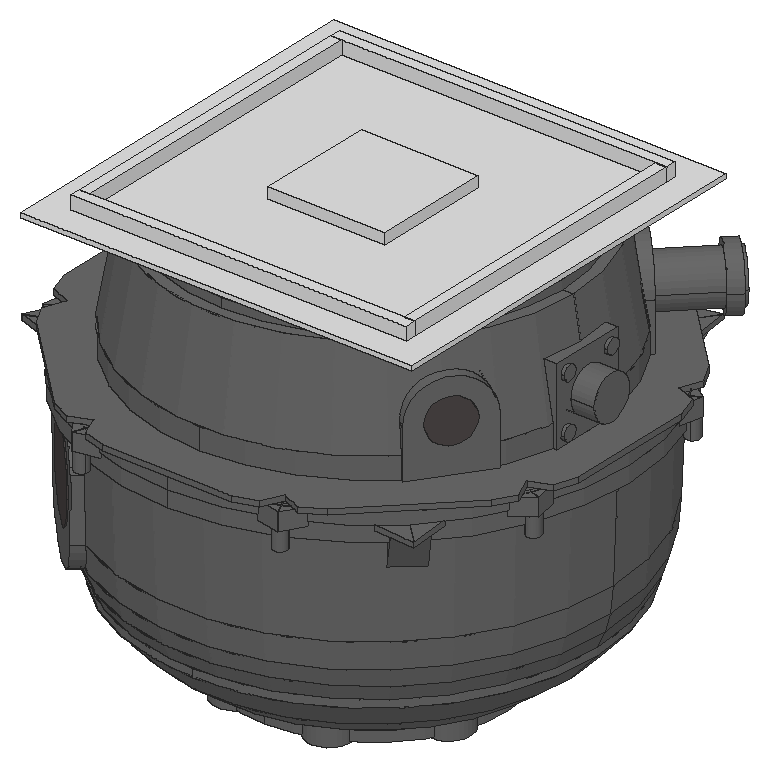
Revit family "281200x (200)", category Generic Models, Revit 2021
Family settings
  Can host rebar = No
  Round Connector Dimension = Use Diameter
  Part Type = Normal
  Work Plane-Based = No
  Always vertical = Yes
  Cut with Voids When Loaded = No
  Shared = Yes
  Room Calculation Point = No
Parameters (values of type "281200X")
  SUPPLIER = "KESSEL"
  SA700ID50 = "no"
  SA700ID49 = "Protection Class I"
  SA700ID48 = "no"
  SA700ID47 = "no"
  SA700ID46 = "yes"
  SA700ID37 = 9000 mm
  SA700ID34 = 15.5
  SA700ID33 = 1.4 W
  SA700ID32 = 17.47 kg
  SA700ID31 = 1
  SA700ID30 = 1
  SA700ID29 = "RWDR"
  SA700ID21 = 900
  SA700ID10 = "No"
  SA700ID08 = 230 V
  PROCUREWEBLINK = "https://p.caden.as/kessel/281200X"
  PROCURELINK = "p.caden.as/kessel/281200X"
  PROCUREDATALASTUPDATE = "2024-05-22T12:17:23.709936523+01:00"
  PRC_SPECIFICATIONLINK = "https://ausschreiben.de/catalog/kessel/catalogItem/d664a37d-6fdf-445a-b889-863c2f1b7857"
  NN = "Lifting station Aqualift S compact"
  NBSYN = "$SA810ID03. ($LODLEVEL.)"
  NB = "281200X (200)"
  Model = "281200X"
  Manufacturer = "KESSEL"
  MIdent = "{$CADENAS_DATA/23d-libs/kessel/kessel_vdi_import/4/entwaesserung/hebeanlage20aqualift20s20compact.prj},215 {STYP=ASS},{VTYP=3D},{NB=281200X (200)},{LINA=281200X},{NN=Lifting station Aqualift S compact},{DATE=21.11.2022 10:40:35},{GEOMDATE=21.11.2022 10:40:35},{VERSION=},{LINEID=80},{WBVAR=LODLEVEL},{WBNUMERIC=LODLEVEL}  {NB=281200X (200)},{LINA=281200X},{KT=DUMMY},{PREVIEW=../../bilder/ksb_w_281200x.png},{SA700ID04=Hebeanlage Aqualift S Compact, Mono, GTF 1200, Bodenplatte, befliesbar},{SA810ID06=04026092082614},{SA700ID34=15.50},{SA010ID03=201805},{SA810ID03=281200X},{SA810ID10=Die steckerfertige Hebeanlage für fäkalienfreies Abwasser ist mit einer überflutbaren Pumpe sowie einem Rückflussverhinderer ausgestattet. Der Sammelbehälter aus dauerhaft beständigem Kunststoff (PE) besitzt einen offenen Pumpenraum. Einhandverschlüsse ermöglichen die einfache Entnahme der integrierten Komponenten. Die Anlage zum Einbau in die Bodenplatte ist vormontiert zur bauseitigen Endmontage.- mit teleskopischem Aufsatzstück für stufenlosen Höhen- und Niveauausgleich und integriertem Bodenablauf- Sammelbehälter aus PE, beständig gegen aggressive Abwässer und 3 m Grundwasser- inklusive Rückflussverhinderer für die Druckleitung- inklusive Stutzen für Zulauf und Kabelleerrohr- Pumpe mit Freistromrad für höchste BetriebssicherheitAusführung:Anlagenart: EinzelanlagePumpensteuerung: SchwimmerschalterRückflussverhinderer: integriertAuslieferungszustand: installationsfertig (Verbindungsteile sind bauseits anzuschließen)Einbausituation: Einbau in die BodenplatteAbwasserart: fäkalienfreiAllgemeine Merkmale:Farbe: schwarzNorm: EN 12050-2Abmessungen:Länge: 617 mmBreite: 585 mmBehälter/Grundkörper:Zulauf Nennweite (DN): 100 mmDruckabgang (DN): 32 mmDruckabgang (DA): 40 mmEinbautiefe: 490 - 620 mmNutzvolumen: 16 lArt der Höhenverstellbarkeit: teleskopisches AufsatzstückAbdeckungsmerkmale:Abdeckungsart: befliesbare AbdeckplatteAbdeckung Material: KunststoffAbdeckung Farbe: silbergrauAblauffunktion: jaBodenbelaghöhe max.: 16 mmBelastungsklasse: K 3 (EN 1253-1)Länge: 366 mmBreite: 366 mmVerriegelung: Lock & LiftFreier Kugeldurchgang: 30 mmFördereinrichtung:Pumpe: GTF 1200Anzahl Pumpen: 1Förderleistung max.: 15,5 m3/hFörderhöhe max.: 9 mBetriebsspannung: 230 VNetzfrequenz: 50 HzBetriebsart: S3 - 10 %Leistung P1: 1,4 kWLeistung P2: 0,84 kWDrehzahl: 2.650 U/minErforderliche Absicherung (Leitungsschutz): C 16 AFörderguttemperatur (dauerhaft) max.: 40 °CAnschlusstyp: Schuko 2-poligLaufrad Typ: FreistromradLänge Netzanschlussleitung Pumpe: 5 mNennstrom: 6,2 ASchutzart Pumpe: IP 68 (3m)Typ Anschlussleitung Pumpe: H07RN-F 3G 1,0 mm2Temperaturüberwachung: integriertSteuerung:Art Niveauerfassung: mechanischInstrument Niveauerfassung: Schwimmerschalter},{SA700ID37=9.00},{SA700ID33=1.40},{SA700ID08=230},{SA700ID30=1},{SA700ID32=17.47},{SA700ID49=Schutzklasse I},{SA700ID50=nein},{SA200ID03=6},{SA250ID03=vertikal},{SA260ID03=Trockenläuferpumpe},{SA350ID03=normalansaugend},{SA400ID03=E-Motor für Wechselstrom},{SA460ID03=direkt},{SA500ID03=Kunststoff, Edelstahl},{SA700ID06=32},{SA700ID07=100},{SA700ID09=1/N/PE 230V},{SA700ID10=Nein},{SA700ID11=50},{SA700ID12=IP 68},{SA700ID13=F},{SA700ID15=35},{SA700ID21=900.00},{SA700ID22=0.84},{SA700ID23=2650},{SA700ID24=2650},{SA700ID26=6.20},{SA700ID27=14.90},{SA700ID28=durchgehend},{SA700ID29=RWDR},{SA700ID31=1},{SA700ID46=ja},{SA700ID47=nein},{SA700ID48=nein},{SA110ID04=Hebeanlage Aqualift S Compact},{SA300ID03=einstufig},{SA700ID44=MIN},{SA700ID45=MIN},{SA010ID04=KESSEL AG},{LODLEVEL=200},{LINK=https://www.kessel.de/info?han=281200X},{SA970ID01=970},{SA970ID02=14122},{SA970ID03=281200X},{SA970ID04=11002617},{SA970ID05=QUAD},{SA970ID06=-326},{SA970ID07=-291.04},{SA970ID08=0},{SA970ID09=1},{SA970ID10=0},{SA970ID11=0},{SA970ID12=0},{SA970ID13=1},{SA970ID14=0},{SA970ID15=617.04},{SA970ID16=582.09},{SA970ID17=488.5},{LODLEVEL_=200,'Low'},{LODLEVEL_DEU=200,'Low'},{LINK_=https://www.kessel.de/info?han=281200X},{LINK_DEU=https://www.kessel.de/info?han=281200X},{LODLEVEL_3DB=281200X_200},{DNIN1=100},{DNIN2=125},{DNIN3=100},{DNIN4=100},{DNOUT1=70},{DNOUT2=32},{ISD1=60},{ISD2=10},{ISD3=10},{SA010ID01=010},{SA010ID02=4},{SA010ID06=www.kessel.de},{SA010ID07=www.kessel.de},{SA010ID12=20180713},{SA010ID13=DEU},{SA010ID14=DE},{SA100ID01=100},{SA100ID02=4},{SA100ID04=Entwässerung},{SA110ID01=110},{SA110ID02=30},{SA200ID01=200},{SA200ID02=6},{SA250ID01=250},{SA250ID02=2},{SA260ID01=260},{SA260ID02=2},{SA300ID01=300},{SA300ID02=1},{SA350ID01=350},{SA350ID02=1},{SA400ID01=400},{SA400ID02=1},{SA460ID01=460},{SA460ID02=1},{SA500ID01=500},{SA500ID02=1},{SA700ID01=700},{SA700ID02=199},{SA700ID10_=0},{SA700ID16=0},{SA700ID25=0},{SA700ID46_=1},{SA700ID47_=0},{SA700ID48_=0},{SA700ID49_=1},{SA700ID50_=0},{SA800ID01=800},{SA800ID02=14},{SA810ID01=810},{SA810ID02=199},{SA810ID04=281200X},{SA810ID07=199},{SA810ID09=1},{SA810ID14=PCE},{SA810ID15=1},{SA810ID16=NMP},{SA960ID03=199},{SA960ID04=3L},{SA960ID08=https://www.kessel.de/info?han=281200X},{SA010ID08=4026092000007},{SA100ID05=Hebeanlage},{SA110ID06=Hebeanlage}"
  LINK = "https://www.kessel.de/info?han=281200X"
  LINA = "281200X"
  Default Elevation = 0 mm
  CREATOR = "CADENAS GmbH"
  CATALOG = "KESSEL"
  BOMINFO = "LINA"
  ARTICLENO = "NB"
  4.810.00.9 Order quantity (multiplicator) = "1"
  4.810.00.7 Media- connection number = "199"
  4.810.00.6 GTIN number = "04026092082614"
  4.810.00.4 DATANORM number = "281200X"
  4.810.00.3 Producer order number = "281200X"
  4.710.03.7 Mass (net) = 17.47 kg
  4.710.03.6 Height = 490 mm
  4.710.03.5 Width = 580 mm
  4.710.03.4 Length = 620 mm
  4.710.03.3 Type of dimensions = "2"
  4.710.02.8 Area of application of wastewater pump = "2"
  4.710.02.7 Art des S2/S3-Betriebs = "50 %"
  4.710.02.6 Duty type = "S3"
  4.710.02.5 Cutting device = "0"
  4.710.02.4 Attached pump control = "1"
  4.710.02.3 Free passage = 30 mm
  4.710.01.6 Option to connect to building automation = "30"
  4.710.01.5 Load regulation = "0"
  4.710.01.4 Designation of closed-loop control = "16"
  4.700.00.9 Voltage = 0
  4.700.00.8 Nominal connection size on suction side = "100"
  4.700.00.7 Nominal connection size on pressure side = "100"
  4.700.00.6 Type of connection = "32"
  4.700.00.4 Product indentification = "Hebeanlage Aqualift S Compact, Mono, GTF 1200, Bodenplatte, befliesbar"
  4.700.00.28 Motor pump shaft = "durchgehend"
  4.700.00.27 Starting current = 14.9
  4.700.00.26 Maximum power consumption per pump / drive = 6.2
  4.700.00.25 Minimum speed at internal speed adjustment = 0
  4.700.00.24 Nominal speed / maximum speed n = 44.1667
  4.700.00.23 Nominal speed of motor = 44.1667
  4.700.00.22 Maximum shaft output (P2) per pump/drive = 0.84 W
  4.700.00.16 Maximum temperature of pumped medium = 0 °C
  4.700.00.15 Increased safety class = "35 °C"
  4.700.00.13 Type of protection = "F"
  4.700.00.12 Frequency = 0
  4.700.00.11 Stern-/Dreieck-Anlaufschaltung bei Dreiphasenanschluss oder Drehstrom = "50 Hz"
  4.700.00.10 Phase = "0"
  4.500.00.3 Variant / Variant type / Accessories-name = "Kunststoff, Edelstahl"
  4.460.00.3 Variant / Variant type / Accessories-name = "direkt"
  4.400.00.3 Variant / Variant type / Accessories-name = "E-Motor für Wechselstrom"
  4.350.00.3 Variant / Variant type / Accessories-name = "normalansaugend"
  4.300.00.3 Variant / Variant type / Accessories-name = "einstufig"
  4.260.00.3 Variant / Variant type / Accessories-name = "Trockenläuferpumpe"
  4.250.00.3 Variant / Variant type / Accessories-name = "vertikal"
  4.200.00.3 Variant / Variant type / Accessories-name = "6"
  4.110.00.6 Product classification = "Hebeanlage"
  4.110.00.4 Product indentification = "Hebeanlage Aqualift S Compact"
  4.100.00.5 Main groups of wares = "Hebeanlage"
  4.100.00.4 Product indentification = "Entwässerung"
  4.010.00.8 Producer ID number = "4026092000007"
  4.010.00.7 Comment = "www.kessel.de"
  4.010.00.6 Web address of the manufacturer = "www.kessel.de"
  4.010.00.4 Manufacturer name = "KESSEL AG"
  4.010.00.3 Date of issuance (month) of guideline = "201805"
  4.010.00.2 Sheet number of the guideline = "4"
  4.010.00.14 Kennungen der Projektländer, für die die Datei gültig ist = "DE"
  4.010.00.13 Sprache der Datei = "DEU"
  4.010.00.12 Stand des Herstellerkatalogs = "20180713"
Reference planes
  plane 1 "Center (Front/Back)": y = 0
  plane 2: z = 0
  plane 3 "Center (Left/Right)": x = 0
Forms (mm)
  Extrusion 1, void
    sketch origin (-197.283, 197.283, 209) x (-0.707107, -0.707107, 0) y (0, 0, -1)
      loop
        line (-0.5, -0.5) -> (0.5, -0.5) -> (0.5, 0.5) -> (-0.5, 0.5) -> (-0.5, -0.5)
    from 0 to 1
Dimensions and locks
  locked: plane 2 to Extrusion 1 at 208.5
  locked: plane 2 to Extrusion 1 at 209.5
  aligned and locked: level to plane 2
Nested families
  nested 1: "281200x (200)_content" at (0, 0, 0), type "281200X (200)_Content"
  nested 2: "281200x (200)_part1_X0Y0" at (0, 0, 0), type "281200X_PART1_X0Y0"
Connectors
  piping at (-326, 0, 209), diameter 125
    settings: on nested 2, index 1, connector inside diameter 609.6 mm, connector length 0 mm, flow factor 0, pipe flow 0.0 L/s, pressure drop 0.0 Pa, fitting loss kfactor 0, connector angle 0.00°, fixture units 0, engagement length 0 mm, angle of deflection 0.00°, flow configuration 0, flow direction 1, fitting loss method 2, system type 29, joint type 0, gender type 0, connector reference index -1, connector utility 0, adjustable connector no, is connector primary yes, connector description ""
  piping at (-197.283, 197.283, 209), diameter 100
    settings: on Extrusion 1, index 2, connector inside diameter 609.6 mm, connector length 0 mm, flow factor 0, pipe flow 0.0 L/s, pressure drop 0.0 Pa, fitting loss kfactor 0, connector angle 0.00°, fixture units 0, engagement length 0 mm, angle of deflection 0.00°, flow configuration 0, flow direction 0, fitting loss method 2, system type 29, joint type 0, gender type 0, connector reference index -1, connector utility 0, adjustable connector no, is connector primary no, connector description ""
  piping at (-245.75, 0, 370), diameter 70
    settings: on nested 2, index 3, connector inside diameter 609.6 mm, connector length 0 mm, flow factor 0, pipe flow 0.0 L/s, pressure drop 0.0 Pa, fitting loss kfactor 0, connector angle 0.00°, fixture units 0, engagement length 0 mm, angle of deflection 0.00°, flow configuration 0, flow direction 0, fitting loss method 2, system type 29, joint type 0, gender type 0, connector reference index -1, connector utility 0, adjustable connector no, is connector primary no, connector description ""
  piping at (272.5, -3, 363.25), diameter 32
    settings: on nested 2, index 4, connector inside diameter 609.6 mm, connector length 0 mm, flow factor 0, pipe flow 0.0 L/s, pressure drop 0.0 Pa, fitting loss kfactor 0, connector angle 0.00°, fixture units 0, engagement length 0 mm, angle of deflection 0.00°, flow configuration 0, flow direction 2, fitting loss method 2, system type 29, joint type 0, gender type 0, connector reference index -1, connector utility 0, adjustable connector no, is connector primary no, connector description ""
  piping at (0, 0, 485.5), diameter 609.6
    settings: on nested 2, index 5, connector inside diameter 609.6 mm, connector length 0 mm, flow factor 0, pipe flow 0.0 L/s, pressure drop 0.0 Pa, fitting loss kfactor 0, connector angle 0.00°, fixture units 0, engagement length 0 mm, angle of deflection 0.00°, flow configuration 0, flow direction 0, fitting loss method 2, system type 29, joint type 0, gender type 0, connector reference index -1, connector utility 0, adjustable connector no, is connector primary no, connector description ""
  electrical at (227.236, 241.378, 376)
    settings: on nested 2, index 6, voltage 0 V, apparent load 0 VA, apparent load phase1 0 VA, apparent load phase2 0 VA, apparent load phase3 0 VA, power factor 1, load classification "Other", number of poles 1, system type 31, power factor state 1, is connector primary yes, connector utility no, sub classification motor no, connector description ""
  electrical at (241.378, 227.236, 364)
    settings: on nested 2, index 7, voltage 0 V, apparent load 0 VA, apparent load phase1 0 VA, apparent load phase2 0 VA, apparent load phase3 0 VA, power factor 1, load classification "Other", number of poles 1, system type 31, power factor state 1, is connector primary no, connector utility no, sub classification motor no, connector description ""
  electrical at (241.378, 227.236, 376)
    settings: on nested 2, index 8, voltage 0 V, apparent load 0 VA, apparent load phase1 0 VA, apparent load phase2 0 VA, apparent load phase3 0 VA, power factor 1, load classification "Other", number of poles 1, system type 31, power factor state 1, is connector primary no, connector utility no, sub classification motor no, connector description ""
  electrical at (227.236, 241.378, 364)
    settings: on nested 2, index 9, voltage 0 V, apparent load 0 VA, apparent load phase1 0 VA, apparent load phase2 0 VA, apparent load phase3 0 VA, power factor 1, load classification "Other", number of poles 1, system type 31, power factor state 1, is connector primary no, connector utility no, sub classification motor no, connector description ""
Definition of nested family "281200x (200)_part1_X0Y0"
  Parameters (values of type "281200X_PART1_X0Y0")
    SUPPLIER = "KESSEL"
    SA700ID50 = "no"
    SA700ID49 = "Protection Class I"
    SA700ID48 = "no"
    SA700ID47 = "no"
    SA700ID46 = "yes"
    SA700ID37 = 9000 mm
    SA700ID34 = 15.5
    SA700ID33 = 1.4 W
    SA700ID32 = 17.47 kg
    SA700ID31 = 1
    SA700ID30 = 1
    SA700ID29 = "RWDR"
    SA700ID21 = 900
    SA700ID10 = "No"
    SA700ID08 = 230 V
    NBSYN = "$SA810ID03. ($LODLEVEL.)_PART1"
    NB = "281200X (200)_PART1"
    Model = "281200X_PART1"
    Manufacturer = "KESSEL"
    MIdent = "{$CADENAS_DATA/23d-libs/kessel/kessel_vdi_import/4/entwaesserung/hebeanlage20aqualift20s20compact.prj},235 {VTYP=3D},{NB=281200X (200)_PART1},{LINA=281200X_PART1},{NN=Lifting station Aqualift S compact_PART1},{NOPRJ=TRUE},{DATE=21.11.2022 10:40:35},{GEOMDATE=21.11.2022 10:40:35},{VERSION=},{LINEID=80},{WBVAR=LODLEVEL},{WBNUMERIC=LODLEVEL}  {NB=281200X (200)_PART1},{LINA=281200X_PART1},{KT=DUMMY},{PREVIEW=../../bilder/ksb_w_281200x.png},{SA700ID04=Hebeanlage Aqualift S Compact, Mono, GTF 1200, Bodenplatte, befliesbar},{SA810ID06=04026092082614},{SA700ID34=15.50},{SA010ID03=201805},{SA810ID03=281200X},{SA810ID10=Die steckerfertige Hebeanlage für fäkalienfreies Abwasser ist mit einer überflutbaren Pumpe sowie einem Rückflussverhinderer ausgestattet. Der Sammelbehälter aus dauerhaft beständigem Kunststoff (PE) besitzt einen offenen Pumpenraum. Einhandverschlüsse ermöglichen die einfache Entnahme der integrierten Komponenten. Die Anlage zum Einbau in die Bodenplatte ist vormontiert zur bauseitigen Endmontage.- mit teleskopischem Aufsatzstück für stufenlosen Höhen- und Niveauausgleich und integriertem Bodenablauf- Sammelbehälter aus PE, beständig gegen aggressive Abwässer und 3 m Grundwasser- inklusive Rückflussverhinderer für die Druckleitung- inklusive Stutzen für Zulauf und Kabelleerrohr- Pumpe mit Freistromrad für höchste BetriebssicherheitAusführung:Anlagenart: EinzelanlagePumpensteuerung: SchwimmerschalterRückflussverhinderer: integriertAuslieferungszustand: installationsfertig (Verbindungsteile sind bauseits anzuschließen)Einbausituation: Einbau in die BodenplatteAbwasserart: fäkalienfreiAllgemeine Merkmale:Farbe: schwarzNorm: EN 12050-2Abmessungen:Länge: 617 mmBreite: 585 mmBehälter/Grundkörper:Zulauf Nennweite (DN): 100 mmDruckabgang (DN): 32 mmDruckabgang (DA): 40 mmEinbautiefe: 490 - 620 mmNutzvolumen: 16 lArt der Höhenverstellbarkeit: teleskopisches AufsatzstückAbdeckungsmerkmale:Abdeckungsart: befliesbare AbdeckplatteAbdeckung Material: KunststoffAbdeckung Farbe: silbergrauAblauffunktion: jaBodenbelaghöhe max.: 16 mmBelastungsklasse: K 3 (EN 1253-1)Länge: 366 mmBreite: 366 mmVerriegelung: Lock & LiftFreier Kugeldurchgang: 30 mmFördereinrichtung:Pumpe: GTF 1200Anzahl Pumpen: 1Förderleistung max.: 15,5 m3/hFörderhöhe max.: 9 mBetriebsspannung: 230 VNetzfrequenz: 50 HzBetriebsart: S3 - 10 %Leistung P1: 1,4 kWLeistung P2: 0,84 kWDrehzahl: 2.650 U/minErforderliche Absicherung (Leitungsschutz): C 16 AFörderguttemperatur (dauerhaft) max.: 40 °CAnschlusstyp: Schuko 2-poligLaufrad Typ: FreistromradLänge Netzanschlussleitung Pumpe: 5 mNennstrom: 6,2 ASchutzart Pumpe: IP 68 (3m)Typ Anschlussleitung Pumpe: H07RN-F 3G 1,0 mm2Temperaturüberwachung: integriertSteuerung:Art Niveauerfassung: mechanischInstrument Niveauerfassung: Schwimmerschalter},{SA700ID37=9.00},{SA700ID33=1.40},{SA700ID08=230},{SA700ID30=1},{SA700ID32=17.47},{SA700ID49=Schutzklasse I},{SA700ID50=nein},{SA200ID03=6},{SA250ID03=vertikal},{SA260ID03=Trockenläuferpumpe},{SA350ID03=normalansaugend},{SA400ID03=E-Motor für Wechselstrom},{SA460ID03=direkt},{SA500ID03=Kunststoff, Edelstahl},{SA700ID06=32},{SA700ID07=100},{SA700ID09=1/N/PE 230V},{SA700ID10=Nein},{SA700ID11=50},{SA700ID12=IP 68},{SA700ID13=F},{SA700ID15=35},{SA700ID21=900.00},{SA700ID22=0.84},{SA700ID23=2650},{SA700ID24=2650},{SA700ID26=6.20},{SA700ID27=14.90},{SA700ID28=durchgehend},{SA700ID29=RWDR},{SA700ID31=1},{SA700ID46=ja},{SA700ID47=nein},{SA700ID48=nein},{SA110ID04=Hebeanlage Aqualift S Compact},{SA300ID03=einstufig},{SA700ID44=MIN},{SA700ID45=MIN},{SA010ID04=KESSEL AG},{LODLEVEL=200},{LINK=https://www.kessel.de/info?han=281200X},{SA970ID01=970},{SA970ID02=14122},{SA970ID03=281200X},{SA970ID04=11002617},{SA970ID05=QUAD},{SA970ID06=-326},{SA970ID07=-291.04},{SA970ID08=0},{SA970ID09=1},{SA970ID10=0},{SA970ID11=0},{SA970ID12=0},{SA970ID13=1},{SA970ID14=0},{SA970ID15=617.04},{SA970ID16=582.09},{SA970ID17=488.5},{LODLEVEL_=200,'Low'},{LODLEVEL_DEU=200,'Low'},{LINK_=https://www.kessel.de/info?han=281200X},{LINK_DEU=https://www.kessel.de/info?han=281200X},{LODLEVEL_3DB=281200X_200},{DNIN1=100},{DNIN2=125},{DNIN3=100},{DNIN4=100},{DNOUT1=70},{DNOUT2=32},{ISD1=60},{ISD2=10},{ISD3=10},{SA010ID01=010},{SA010ID02=4},{SA010ID06=www.kessel.de},{SA010ID07=www.kessel.de},{SA010ID12=20180713},{SA010ID13=DEU},{SA010ID14=DE},{SA100ID01=100},{SA100ID02=4},{SA100ID04=Entwässerung},{SA110ID01=110},{SA110ID02=30},{SA200ID01=200},{SA200ID02=6},{SA250ID01=250},{SA250ID02=2},{SA260ID01=260},{SA260ID02=2},{SA300ID01=300},{SA300ID02=1},{SA350ID01=350},{SA350ID02=1},{SA400ID01=400},{SA400ID02=1},{SA460ID01=460},{SA460ID02=1},{SA500ID01=500},{SA500ID02=1},{SA700ID01=700},{SA700ID02=199},{SA700ID10_=0},{SA700ID16=0},{SA700ID25=0},{SA700ID46_=1},{SA700ID47_=0},{SA700ID48_=0},{SA700ID49_=1},{SA700ID50_=0},{SA800ID01=800},{SA800ID02=14},{SA810ID01=810},{SA810ID02=199},{SA810ID04=281200X},{SA810ID07=199},{SA810ID09=1},{SA810ID14=PCE},{SA810ID15=1},{SA810ID16=NMP},{SA960ID03=199},{SA960ID04=3L},{SA960ID08=https://www.kessel.de/info?han=281200X},{SA010ID08=4026092000007},{SA100ID05=Hebeanlage},{SA110ID06=Hebeanlage}"
    LINK = "https://www.kessel.de/info?han=281200X"
    LINA = "281200X_PART1"
    Default Elevation = 1219.2 mm
    CREATOR = "CADENAS GmbH"
    CATALOG = "KESSEL"
    BOMINFO = "LINA"
    ARTICLENO = "NB"
    4.810.00.9 Order quantity (multiplicator) = "1"
    4.810.00.7 Media- connection number = "199"
    4.810.00.6 GTIN number = "04026092082614"
    4.810.00.4 DATANORM number = "281200X"
    4.810.00.3 Producer order number = "281200X"
    4.710.03.7 Mass (net) = 17.47 kg
    4.710.03.6 Height = 490 mm
    4.710.03.5 Width = 580 mm
    4.710.03.4 Length = 620 mm
    4.710.03.3 Type of dimensions = "2"
    4.710.02.8 Area of application of wastewater pump = "2"
    4.710.02.7 Art des S2/S3-Betriebs = "50 %"
    4.710.02.6 Duty type = "S3"
    4.710.02.5 Cutting device = "0"
    4.710.02.4 Attached pump control = "1"
    4.710.02.3 Free passage = 30 mm
    4.710.01.6 Option to connect to building automation = "30"
    4.710.01.5 Load regulation = "0"
    4.710.01.4 Designation of closed-loop control = "16"
    4.700.00.9 Voltage = 0
    4.700.00.8 Nominal connection size on suction side = "100"
    4.700.00.7 Nominal connection size on pressure side = "100"
    4.700.00.6 Type of connection = "32"
    4.700.00.4 Product indentification = "Hebeanlage Aqualift S Compact, Mono, GTF 1200, Bodenplatte, befliesbar"
    4.700.00.28 Motor pump shaft = "durchgehend"
    4.700.00.27 Starting current = 14.9
    4.700.00.26 Maximum power consumption per pump / drive = 6.2
    4.700.00.25 Minimum speed at internal speed adjustment = 0
    4.700.00.24 Nominal speed / maximum speed n = 44.1667
    4.700.00.23 Nominal speed of motor = 44.1667
    4.700.00.22 Maximum shaft output (P2) per pump/drive = 0.84 W
    4.700.00.16 Maximum temperature of pumped medium = 0 °C
    4.700.00.15 Increased safety class = "35 °C"
    4.700.00.13 Type of protection = "F"
    4.700.00.12 Frequency = 0
    4.700.00.11 Stern-/Dreieck-Anlaufschaltung bei Dreiphasenanschluss oder Drehstrom = "50 Hz"
    4.700.00.10 Phase = "0"
    4.500.00.3 Variant / Variant type / Accessories-name = "Kunststoff, Edelstahl"
    4.460.00.3 Variant / Variant type / Accessories-name = "direkt"
    4.400.00.3 Variant / Variant type / Accessories-name = "E-Motor für Wechselstrom"
    4.350.00.3 Variant / Variant type / Accessories-name = "normalansaugend"
    4.300.00.3 Variant / Variant type / Accessories-name = "einstufig"
    4.260.00.3 Variant / Variant type / Accessories-name = "Trockenläuferpumpe"
    4.250.00.3 Variant / Variant type / Accessories-name = "vertikal"
    4.200.00.3 Variant / Variant type / Accessories-name = "6"
    4.110.00.6 Product classification = "Hebeanlage"
    4.110.00.4 Product indentification = "Hebeanlage Aqualift S Compact"
    4.100.00.5 Main groups of wares = "Hebeanlage"
    4.100.00.4 Product indentification = "Entwässerung"
    4.010.00.8 Producer ID number = "4026092000007"
    4.010.00.7 Comment = "www.kessel.de"
    4.010.00.6 Web address of the manufacturer = "www.kessel.de"
    4.010.00.4 Manufacturer name = "KESSEL AG"
    4.010.00.3 Date of issuance (month) of guideline = "201805"
    4.010.00.2 Sheet number of the guideline = "4"
    4.010.00.14 Kennungen der Projektländer, für die die Datei gültig ist = "DE"
    4.010.00.13 Sprache der Datei = "DEU"
    4.010.00.12 Stand des Herstellerkatalogs = "20180713"
  Reference planes
    plane 1 "Center (Front/Back)": y = 0
    plane 2: z = 0
    plane 3 "Center (Left/Right)": x = 0
  Dimensions and locks
    aligned and locked: level to plane 2
  Nested families
    nested 1: "281200x (200)_part1_content" at (0, 0, 0), type "281200X (200)_PART1_Content"
  Definition of nested family "281200x (200)_part1_content"
    Parameters (values of type "281200X (200)_PART1_Content")
      SUPPLIER = "KESSEL"
      SA700ID50 = "no"
      SA700ID49 = "Protection Class I"
      SA700ID48 = "no"
      SA700ID47 = "no"
      SA700ID46 = "yes"
      SA700ID37 = 9000 mm
      SA700ID34 = 15.5
      SA700ID33 = 1.4 W
      SA700ID32 = 17.47 kg
      SA700ID31 = 1
      SA700ID30 = 1
      SA700ID29 = "RWDR"
      SA700ID21 = 900
      SA700ID10 = "No"
      SA700ID08 = 230 V
      NBSYN = "$SA810ID03. ($LODLEVEL.)_PART1"
      NB = "281200X (200)_PART1"
      Model = "281200X_PART1"
      Manufacturer = "KESSEL"
      LINK = "https://www.kessel.de/info?han=281200X"
      LINA = "281200X_PART1"
      Default Elevation = 1219.2 mm
      CREATOR = "CADENAS GmbH"
      CATALOG = "KESSEL"
      BOMINFO = "LINA"
      ARTICLENO = "NB"
      4.810.00.9 Order quantity (multiplicator) = "1"
      4.810.00.7 Media- connection number = "199"
      4.810.00.6 GTIN number = "04026092082614"
      4.810.00.4 DATANORM number = "281200X"
      4.810.00.3 Producer order number = "281200X"
      4.710.03.7 Mass (net) = 17.47 kg
      4.710.03.6 Height = 490 mm
      4.710.03.5 Width = 580 mm
      4.710.03.4 Length = 620 mm
      4.710.03.3 Type of dimensions = "2"
      4.710.02.8 Area of application of wastewater pump = "2"
      4.710.02.7 Art des S2/S3-Betriebs = "50 %"
      4.710.02.6 Duty type = "S3"
      4.710.02.5 Cutting device = "0"
      4.710.02.4 Attached pump control = "1"
      4.710.02.3 Free passage = 30 mm
      4.710.01.6 Option to connect to building automation = "30"
      4.710.01.5 Load regulation = "0"
      4.710.01.4 Designation of closed-loop control = "16"
      4.700.00.9 Voltage = 0
      4.700.00.8 Nominal connection size on suction side = "100"
      4.700.00.7 Nominal connection size on pressure side = "100"
      4.700.00.6 Type of connection = "32"
      4.700.00.4 Product indentification = "Hebeanlage Aqualift S Compact, Mono, GTF 1200, Bodenplatte, befliesbar"
      4.700.00.28 Motor pump shaft = "durchgehend"
      4.700.00.27 Starting current = 14.9
      4.700.00.26 Maximum power consumption per pump / drive = 6.2
      4.700.00.25 Minimum speed at internal speed adjustment = 0
      4.700.00.24 Nominal speed / maximum speed n = 44.1667
      4.700.00.23 Nominal speed of motor = 44.1667
      4.700.00.22 Maximum shaft output (P2) per pump/drive = 0.84 W
      4.700.00.16 Maximum temperature of pumped medium = 0 °C
      4.700.00.15 Increased safety class = "35 °C"
      4.700.00.13 Type of protection = "F"
      4.700.00.12 Frequency = 0
      4.700.00.11 Stern-/Dreieck-Anlaufschaltung bei Dreiphasenanschluss oder Drehstrom = "50 Hz"
      4.700.00.10 Phase = "0"
      4.500.00.3 Variant / Variant type / Accessories-name = "Kunststoff, Edelstahl"
      4.460.00.3 Variant / Variant type / Accessories-name = "direkt"
      4.400.00.3 Variant / Variant type / Accessories-name = "E-Motor für Wechselstrom"
      4.350.00.3 Variant / Variant type / Accessories-name = "normalansaugend"
      4.300.00.3 Variant / Variant type / Accessories-name = "einstufig"
      4.260.00.3 Variant / Variant type / Accessories-name = "Trockenläuferpumpe"
      4.250.00.3 Variant / Variant type / Accessories-name = "vertikal"
      4.200.00.3 Variant / Variant type / Accessories-name = "6"
      4.110.00.6 Product classification = "Hebeanlage"
      4.110.00.4 Product indentification = "Hebeanlage Aqualift S Compact"
      4.100.00.5 Main groups of wares = "Hebeanlage"
      4.100.00.4 Product indentification = "Entwässerung"
      4.010.00.8 Producer ID number = "4026092000007"
      4.010.00.7 Comment = "www.kessel.de"
      4.010.00.6 Web address of the manufacturer = "www.kessel.de"
      4.010.00.4 Manufacturer name = "KESSEL AG"
      4.010.00.3 Date of issuance (month) of guideline = "201805"
      4.010.00.2 Sheet number of the guideline = "4"
      4.010.00.14 Kennungen der Projektländer, für die die Datei gültig ist = "DE"
      4.010.00.13 Sprache der Datei = "DEU"
      4.010.00.12 Stand des Herstellerkatalogs = "20180713"
    Reference planes
      plane 1 "Center (Front/Back)": y = 0
      plane 2: z = 0
      plane 3 "Center (Left/Right)": x = 0
    Forms (mm)
      Extrusion 1, solid, detail levels medium+fine
        sketch origin (0, 0, 2) x (0, 1, 0) y (-1, 0, 0)
          loop
            circle (0, 0) r 153
        from 0 to 26.5
      Revolve 2, solid, detail levels medium+fine
        sketch origin (0, 0, 21) x (0, 0, 1) y (-1, 0, 0)
          loop
            line (0, 0) -> (16, 0) -> (16, 193) -> (0, 153) -> (0, 0)
          axis (16, 0) -> (0, 0)
        angle from -360 to 0
      Revolve 3, solid, detail levels medium+fine
        sketch origin (0, 0, 37) x (0, 0, 1) y (-1, 0, 0)
          loop
            line (0, 0) -> (24, 0) -> (24, 225) -> (0, 193) -> (0, 0)
          axis (24, 0) -> (0, 0)
        angle from -360 to 0
      Revolve 4, solid, detail levels medium+fine
        sketch origin (0, 0, 61) x (0, 0, 1) y (-1, 0, 0)
          loop
            line (0, 0) -> (33, 0) -> (33, 255) -> (0, 225) -> (0, 0)
          axis (33, 0) -> (0, 0)
        angle from -360 to 0
      Extrusion 5, solid, detail levels medium+fine
        sketch origin (0, 0, 94) x (0, 1, 0) y (-1, 0, 0)
          loop
            circle (0, 0) r 255
        from 0 to 9
      Revolve 6, solid, detail levels medium+fine
        sketch origin (0, 0, 103) x (0, 0, 1) y (-1, 0, 0)
          loop
            line (0, 0) -> (18, 0) -> (18, 263.5) -> (0, 255) -> (0, 0)
          axis (18, 0) -> (0, 0)
        angle from -360 to 0
      Revolve 7, solid, detail levels medium+fine
        sketch origin (0, 0, 121) x (0, 0, 1) y (-1, 0, 0)
          loop
            line (0, 0) -> (20, 0) -> (20, 269.5) -> (0, 263.5) -> (0, 0)
          axis (20, 0) -> (0, 0)
        angle from -360 to 0
      Revolve 8, solid, detail levels medium+fine
        sketch origin (0, 0, 141) x (0, 0, 1) y (-1, 0, 0)
          loop
            line (0, 0) -> (30, 0) -> (30, 272.75) -> (0, 269.5) -> (0, 0)
          axis (30, 0) -> (0, 0)
        angle from -360 to 0
      Revolve 9, solid, detail levels medium+fine
        sketch origin (0, 0, 171) x (0, 0, 1) y (-1, 0, 0)
          loop
            line (0, 0) -> (111, 0) -> (111, 277) -> (0, 272.75) -> (0, 0)
          axis (111, 0) -> (0, 0)
        angle from -360 to 0
      Extrusion 10, solid, detail levels medium+fine
        sketch origin (0, 0, 282) x (0, 1, 0) y (-1, 0, 0)
          loop
            circle (0, 0) r 290.5
        from 0 to 18
      Extrusion 11, solid, detail levels medium+fine
        sketch origin (0, 0, 300) x (0, 1, 0) y (-1, 0, 0)
          loop
            circle (0, 0) r 291
        from 0 to 14
      Extrusion 12, solid, detail levels medium+fine
        sketch origin (0, 0, 314) x (1, 0, 0) y (0, 1, 0)
          loop
            line (-291.044, -72.937) -> (-283.487, -98.291) -> (-260.422, -107.913) -> (-269.955, -130.928) -> (-257.458, -154.14) -> (-154.225, -257.373) -> (-130.953, -269.958) -> (-107.84, -260.453) -> (-98.307, -283.467) -> (-73.056, -291.044) -> (72.937, -291.044) -> (98.291, -283.487) -> (107.913, -260.422) -> (130.928, -269.955) -> (154.14, -257.458) -> (257.694, -153.632) -> (269.958, -130.953) -> (260.394, -107.864) -> (283.467, -98.307) -> (291.044, -73.056) -> (291.044, 72.937) -> (283.487, 98.291) -> (260.422, 107.913) -> (269.955, 130.928) -> (257.458, 154.14) -> (154.225, 257.373) -> (130.953, 269.958) -> (107.84, 260.453) -> (98.307, 283.467) -> (73.056, 291.044) -> (-72.937, 291.044) -> (-98.291, 283.487) -> (-107.913, 260.422) -> (-130.928, 269.955) -> (-154.14, 257.458) -> (-257.373, 154.225) -> (-269.958, 130.953) -> (-260.453, 107.84) -> (-283.467, 98.307) -> (-291.044, 73.056) -> (-291.044, -72.937)
        from 0 to 6
      Extrusion 13, solid, detail levels medium+fine
        sketch origin (0, 0, 320) x (0, 1, 0) y (-1, 0, 0)
          loop
            circle (0, 0) r 245.25
        from 0 to 24.5
      Revolve 14, solid, detail levels medium+fine
        sketch origin (0, 0, 344.5) x (0, 0, 1) y (-1, 0, 0)
          loop
            line (0, 0) -> (106.5, 0) -> (106.5, 227) -> (0, 245.25) -> (0, 0)
          axis (106.5, 0) -> (0, 0)
        angle from -360 to 0
      Extrusion 15, solid, detail levels medium+fine
        sketch origin (0, 0, 451) x (0, 1, 0) y (-1, 0, 0)
          loop
            circle (0, 0) r 214.5
        from 0 to 10
      Extrusion 16, solid, detail levels medium+fine
        sketch origin (-190, -190, 461) x (0, 1, 0) y (0, 0, 1)
          loop
            line (0, 7.5) -> (0, 0) -> (380, 0) -> (380, 7.5) -> (0, 7.5)
        from 0 to 380
      Extrusion 17, solid, detail levels medium+fine
        sketch origin (0, 0, 461) x (0, 1, 0) y (-1, 0, 0)
          loop
            circle (0, 0) r 208.5
        from 0 to 7.5
      Extrusion 18, solid, detail levels medium+fine
        sketch origin (-222, -222, 468.5) x (0, 1, 0) y (0, 0, 1)
          loop
            line (0, 5) -> (0, 0) -> (444, 0) -> (444, 5) -> (0, 5)
        from 0 to 444
      Extrusion 19, solid, detail levels medium+fine
        sketch origin (-66, -66, 473.5) x (0, 1, 0) y (0, 0, 1)
          loop
            line (0, 12) -> (0, 0) -> (132, 0) -> (132, 12) -> (0, 12)
        from 0 to 132
      Extrusion 20, solid, detail levels medium+fine
        sketch origin (0, 60, 320) x (0, -1, 0) y (0, 0, 1)
          loop
            line (0, 50) -> (0, 0) -> (120, 0) -> (120, 50) -> (0, 50)
        from 0 to 245.5
      Extrusion 21, solid, detail levels medium+fine
        sketch origin (0, 0, 370) x (0, -1, 0) y (0, 0, 1)
          loop
            circle (0, 0) r 60
        from 0 to 245.5
      Extrusion 22, solid, detail levels medium+fine
        sketch origin (-244, 0, 370) x (0, -1, 0) y (0, 0, 1)
          loop
            circle (0, 0) r 35.1
        from 0 to 1.75
      Extrusion 23, solid, detail levels medium+fine
        sketch origin (31.82, -31.82, 320) x (-0.707107, 0.707107, 0) y (0, 0, 1)
          loop
            line (0, 55.25) -> (0, 0) -> (90, 0) -> (90, 55.25) -> (0, 55.25)
        from 0 to 245.5
      Extrusion 24, solid, detail levels medium+fine
        sketch origin (0, 0, 375.25) x (-0.707107, 0.707107, 0) y (0, 0, 1)
          loop
            circle (0, 0) r 45
        from 0 to 245.5
      Extrusion 25, solid, detail levels medium+fine
        sketch origin (0, 0, 370) x (-0.707107, 0.707107, 0) y (0, 0, 1)
          loop
            circle (0, 0) r 27.7
        from 0 to 311.36
      Extrusion 26, solid, detail levels medium+fine
        sketch origin (0, 27.5, 332.75) x (0, 1, 0) y (0, 0, 1)
          loop
            circle (0, 0) r 8
        from 0 to 250
      Extrusion 27, solid, detail levels medium+fine
        sketch origin (0, -46.25, 320) x (0, 1, 0) y (0, 0, 1)
          loop
            line (0, 86.5) -> (0, 0) -> (86.5, 0) -> (86.5, 86.5) -> (0, 86.5)
        from 0 to 245.5
      Extrusion 28, solid, detail levels medium+fine
        sketch origin (0, -3, 363.25) x (0, 1, 0) y (0, 0, 1)
          loop
            circle (0, 0) r 24.75
        from 0 to 272.5
      Extrusion 29, solid, detail levels medium+fine
        sketch origin (0, 27.5, 393.75) x (0, 1, 0) y (0, 0, 1)
          loop
            circle (0, 0) r 8
        from 0 to 250
      Extrusion 30, solid, detail levels medium+fine
        sketch origin (0, -33.5, 332.75) x (0, 1, 0) y (0, 0, 1)
          loop
            circle (0, 0) r 8
        from 0 to 250
      Extrusion 31, solid, detail levels medium+fine
        sketch origin (0, -33.5, 393.75) x (0, 1, 0) y (0, 0, 1)
          loop
            circle (0, 0) r 8
        from 0 to 250
      Extrusion 32, solid, detail levels medium+fine
        sketch origin (-25.811, -36.862, 320) x (0.573577, 0.819152, 0) y (0, 0, 1)
          loop
            line (0, 55.25) -> (0, 0) -> (90, 0) -> (90, 55.25)
            arc (90, 55.25) -> (45, 100.25) -> (0, 55.25) r 45
        from 0 to 245.5
      Extrusion 33, solid, detail levels medium+fine
        sketch origin (199.464, -139.666, 375.25) x (0.573577, 0.819152, 0) y (0, 0, 1)
          loop
            circle (0, 0) r 25
        from 0 to 2.25
      Extrusion 34, solid, detail levels medium+fine
        sketch origin (-53.002, 127.957, 0) x (-0.92388, -0.382683, 0) y (0.382683, -0.92388, 0)
          loop
            circle (0, 0) r 25
        from 0 to 28.5
      Extrusion 35, solid, detail levels medium+fine
        sketch origin (-127.957, -53.002, 0) x (0.382683, -0.92388, 0) y (0.92388, 0.382683, 0)
          loop
            circle (0, 0) r 25
        from 0 to 28.5
      Extrusion 36, solid, detail levels medium+fine
        sketch origin (53.002, -127.957, 0) x (0.92388, 0.382683, 0) y (-0.382683, 0.92388, 0)
          loop
            circle (0, 0) r 25
        from 0 to 28.5
      Extrusion 37, solid, detail levels medium+fine
        sketch origin (53.002, 127.957, 0) x (-0.923879, 0.382684, 0) y (-0.382684, -0.923879, 0)
          loop
            circle (0, 0) r 25
        from 0 to 28.5
      Extrusion 38, solid, detail levels medium+fine
        sketch origin (-127.957, 53.002, 0) x (-0.382684, -0.923879, 0) y (0.923879, -0.382684, 0)
          loop
            circle (0, 0) r 25
        from 0 to 28.5
      Extrusion 39, solid, detail levels medium+fine
        sketch origin (-53.002, -127.957, 0) x (0.923879, -0.382684, 0) y (0.382684, 0.923879, 0)
          loop
            circle (0, 0) r 25
        from 0 to 28.5
      Extrusion 40, solid, detail levels medium+fine
        sketch origin (127.957, -53.002, 0) x (0.382684, 0.923879, 0) y (-0.923879, 0.382684, 0)
          loop
            circle (0, 0) r 25
        from 0 to 28.5
      Extrusion 41, solid, detail levels medium+fine
        sketch origin (127.957, 53.002, 0) x (-0.382683, 0.92388, 0) y (-0.92388, -0.382683, 0)
          loop
            circle (0, 0) r 25
        from 0 to 28.5
      Extrusion 42, solid, detail levels medium+fine
        sketch origin (0, 0, 209) x (0, -1, 0) y (0, 0, 1)
          loop
            line (-72.693, 35.337) -> (-68.918, -37.767)
            arc (-68.918, -37.767) -> (-63.198, -56.139) -> (-50.593, -70.678) r 46.983
            line (-50.593, -70.678) -> (-49.193, -71.697)
            arc (-49.193, -71.697) -> (-25.794, -83.147) -> (0, -86.788) r 83.079
            arc (0, -86.788) -> (25.794, -83.147) -> (49.193, -71.697) r 83.079
            line (49.193, -71.697) -> (50.593, -70.678)
            arc (50.593, -70.678) -> (63.198, -56.139) -> (68.918, -37.767) r 46.983
            line (68.918, -37.767) -> (72.693, 35.337)
            arc (72.693, 35.337) -> (71.616, 38.805) -> (69.783, 41.939) r 15.989
            arc (69.783, 41.939) -> (60.032, 51.336) -> (48.652, 58.679) r 69.984
            line (48.652, 58.679) -> (47.252, 59.417)
            arc (47.252, 59.417) -> (24.369, 68.322) -> (0, 71.344) r 99.373
            arc (0, 71.344) -> (-24.369, 68.322) -> (-47.252, 59.417) r 99.373
            line (-47.252, 59.417) -> (-48.652, 58.679)
            arc (-48.652, 58.679) -> (-60.032, 51.336) -> (-69.783, 41.939) r 69.984
            arc (-69.783, 41.939) -> (-71.616, 38.805) -> (-72.693, 35.337) r 15.989
        from 0 to 277.5
      Extrusion 43, solid, detail levels medium+fine
        sketch origin (0, 0, 209) x (0, -1, 0) y (0, 0, 1)
          loop
            circle (0, 0) r 55
        from 0 to 326
      Extrusion 44, solid, detail levels medium+fine
        sketch origin (0, 0, 209) x (0.707107, -0.707107, 0) y (0, 0, 1)
          loop
            line (-72.693, 35.337) -> (-68.918, -37.767)
            arc (-68.918, -37.767) -> (-63.198, -56.139) -> (-50.593, -70.678) r 46.983
            line (-50.593, -70.678) -> (-49.193, -71.697)
            arc (-49.193, -71.697) -> (-25.794, -83.147) -> (0, -86.788) r 83.079
            arc (0, -86.788) -> (25.794, -83.147) -> (49.193, -71.697) r 83.079
            line (49.193, -71.697) -> (50.593, -70.678)
            arc (50.593, -70.678) -> (63.198, -56.139) -> (68.918, -37.767) r 46.983
            line (68.918, -37.767) -> (72.693, 35.337)
            arc (72.693, 35.337) -> (71.616, 38.805) -> (69.783, 41.939) r 15.989
            arc (69.783, 41.939) -> (60.032, 51.336) -> (48.652, 58.679) r 69.984
            line (48.652, 58.679) -> (47.252, 59.417)
            arc (47.252, 59.417) -> (24.369, 68.322) -> (0, 71.344) r 99.373
            arc (0, 71.344) -> (-24.369, 68.322) -> (-47.252, 59.417) r 99.373
            line (-47.252, 59.417) -> (-48.652, 58.679)
            arc (-48.652, 58.679) -> (-60.032, 51.336) -> (-69.783, 41.939) r 69.984
            arc (-69.783, 41.939) -> (-71.616, 38.805) -> (-72.693, 35.337) r 15.989
        from 0 to 277.5
      Extrusion 45, solid, detail levels medium+fine
        sketch origin (0, 0, 209) x (-0.707107, -0.707107, 0) y (0, 0, 1)
          loop
            line (-72.693, 35.337) -> (-68.918, -37.767)
            arc (-68.918, -37.767) -> (-63.198, -56.139) -> (-50.593, -70.678) r 46.983
            line (-50.593, -70.678) -> (-49.193, -71.697)
            arc (-49.193, -71.697) -> (-25.794, -83.147) -> (0, -86.788) r 83.079
            arc (0, -86.788) -> (25.794, -83.147) -> (49.193, -71.697) r 83.079
            line (49.193, -71.697) -> (50.593, -70.678)
            arc (50.593, -70.678) -> (63.198, -56.139) -> (68.918, -37.767) r 46.983
            line (68.918, -37.767) -> (72.693, 35.337)
            arc (72.693, 35.337) -> (71.616, 38.805) -> (69.783, 41.939) r 15.989
            arc (69.783, 41.939) -> (60.032, 51.336) -> (48.652, 58.679) r 69.984
            line (48.652, 58.679) -> (47.252, 59.417)
            arc (47.252, 59.417) -> (24.369, 68.322) -> (0, 71.344) r 99.373
            arc (0, 71.344) -> (-24.369, 68.322) -> (-47.252, 59.417) r 99.373
            line (-47.252, 59.417) -> (-48.652, 58.679)
            arc (-48.652, 58.679) -> (-60.032, 51.336) -> (-69.783, 41.939) r 69.984
            arc (-69.783, 41.939) -> (-71.616, 38.805) -> (-72.693, 35.337) r 15.989
        from 0 to 277.5
      Extrusion 46, solid, detail levels medium+fine
        sketch origin (-195.161, -195.161, 209) x (0.707107, -0.707107, 0) y (0, 0, 1)
          loop
            circle (0, 0) r 50.1
        from 0 to 1.75
      Extrusion 47, solid, detail levels medium+fine
        sketch origin (-195.162, 195.162, 209) x (-0.707107, -0.707107, 0) y (0, 0, 1)
          loop
            circle (0, 0) r 50.1
        from 0 to 1.75
      Extrusion 48, solid, detail levels medium+fine
        sketch origin (220.165, 220.165, 370) x (-0.707107, 0.707107, 0) y (0, 0, 1)
          loop
            circle (0, 0) r 34.75
        from 0 to 15.7
      Extrusion 49, solid, detail levels medium+fine
        sketch origin (230.559, 230.559, 370) x (-0.707107, 0.707107, 0) y (0, 0, 1)
          loop
            circle (0, 0) r 27.7
        from 0 to 4.8
      Extrusion 50, solid, detail levels medium+fine
        sketch origin (232.893, 232.893, 370) x (-0.707107, 0.707107, 0) y (0, 0, 1)
          loop
            circle (0, 0) r 20
        from 0 to 1.7
      Extrusion 51, solid, detail levels medium+fine
        sketch origin (240.105, 225.963, 364) x (-0.707107, 0.707107, 0) y (0, 0, 1)
          loop
            circle (0, 0) r 4.2
        from 0 to 1.8
      Extrusion 52, solid, detail levels medium+fine
        sketch origin (240.105, 225.963, 376) x (-0.707107, 0.707107, 0) y (0, 0, 1)
          loop
            circle (0, 0) r 4.2
        from 0 to 1.8
      Extrusion 53, solid, detail levels medium+fine
        sketch origin (225.963, 240.105, 376) x (-0.707107, 0.707107, 0) y (0, 0, 1)
          loop
            circle (0, 0) r 4.2
        from 0 to 1.8
      Extrusion 54, solid, detail levels medium+fine
        sketch origin (225.963, 240.105, 364) x (-0.707107, 0.707107, 0) y (0, 0, 1)
          loop
            circle (0, 0) r 4.2
        from 0 to 1.8
      Extrusion 55, solid, detail levels medium+fine
        sketch origin (-259.107, -87.843, 294.5) x (-0.92388, -0.382683, 0) y (0, 0, -1)
          loop
            line (0, 48.5) -> (0, 0) -> (29.9, 0) -> (0, 48.5)
        from 0 to 36
      Extrusion 56, solid, detail levels medium+fine
        sketch origin (-272.082, -112.7, 273) x (0.382683, -0.92388, 0) y (0.92388, 0.382683, 0)
          loop
            circle (0, 0) r 7.75
        from 0 to 21.5
      Extrusion 57, solid, detail levels medium+fine
        sketch origin (-265.153, -109.83, 300) x (-0.92388, -0.382683, 0) y (-0.382683, 0.92388, 0)
          loop
            line (36.5, 0) -> (0, 0) -> (0, -32) -> (36.5, 0)
        from 0 to 5.5
      Extrusion 58, solid, detail levels medium+fine
        sketch origin (-265.153, -109.83, 314) x (-0.92388, -0.382683, 0) y (-0.382683, 0.92388, 0)
          loop
            line (17, 0) -> (0, 0) -> (0, -25) -> (17, 0)
        from 0 to 14
      Extrusion 59, solid, detail levels medium+fine
        sketch origin (-265.153, -109.83, 294.5) x (-0.382683, 0.92388, 0) y (-0.92388, -0.382683, 0)
          loop
            line (0, 36.5) -> (0, 0) -> (32, 0) -> (0, 36.5)
        from 0 to 5.5
      Extrusion 60, solid, detail levels medium+fine
        sketch origin (-265.153, -109.83, 300) x (-0.382683, 0.92388, 0) y (-0.92388, -0.382683, 0)
          loop
            line (0, 17) -> (0, 0) -> (25, 0) -> (0, 17)
        from 0 to 14
      Extrusion 61, solid, detail levels medium+fine
        sketch origin (-245.331, 121.102, 294.5) x (-0.923879, 0.382684, 0) y (0, 0, -1)
          loop
            line (0, 48.5) -> (0, 0) -> (29.9, 0) -> (0, 48.5)
        from 0 to 36
      Extrusion 62, solid, detail levels medium+fine
        sketch origin (-272.082, 112.7, 273) x (-0.382684, -0.923879, 0) y (0.923879, -0.382684, 0)
          loop
            circle (0, 0) r 7.75
        from 0 to 21.5
      Extrusion 63, solid, detail levels medium+fine
        sketch origin (-265.153, 109.83, 300) x (-0.923879, 0.382684, 0) y (0.382684, 0.923879, 0)
          loop
            line (36.5, 0) -> (0, 0) -> (0, -32) -> (36.5, 0)
        from 0 to 5.5
      Extrusion 64, solid, detail levels medium+fine
        sketch origin (-265.153, 109.83, 314) x (-0.923879, 0.382684, 0) y (0.382684, 0.923879, 0)
          loop
            line (17, 0) -> (0, 0) -> (0, -25) -> (17, 0)
        from 0 to 14
      Extrusion 65, solid, detail levels medium+fine
        sketch origin (-265.153, 109.83, 294.5) x (0.382684, 0.923879, 0) y (-0.923879, 0.382684, 0)
          loop
            line (0, 36.5) -> (0, 0) -> (32, 0) -> (0, 36.5)
        from 0 to 5.5
      Extrusion 66, solid, detail levels medium+fine
        sketch origin (-265.153, 109.83, 300) x (0.382684, 0.923879, 0) y (-0.923879, 0.382684, 0)
          loop
            line (0, 17) -> (0, 0) -> (25, 0) -> (0, 17)
        from 0 to 14
      Extrusion 67, solid, detail levels medium+fine
        sketch origin (-190, 178, 473.5) x (0, 1, 0) y (0, 0, 1)
          loop
            line (0, 15) -> (0, 0) -> (12, 0) -> (12, 15) -> (0, 15)
        from 0 to 380
      Extrusion 68, solid, detail levels medium+fine
        sketch origin (-190, -190, 473.5) x (0, 1, 0) y (0, 0, 1)
          loop
            line (0, 15) -> (0, 0) -> (12, 0) -> (12, 15) -> (0, 15)
        from 0 to 380
      Extrusion 69, solid, detail levels medium+fine
        sketch origin (-190, -178, 473.5) x (0, 1, 0) y (0, 0, 1)
          loop
            line (0, 15) -> (0, 0) -> (356, 0) -> (356, 15) -> (0, 15)
        from 0 to 12
      Extrusion 70, solid, detail levels medium+fine
        sketch origin (178, -178, 473.5) x (0, 1, 0) y (0, 0, 1)
          loop
            line (0, 15) -> (0, 0) -> (356, 0) -> (356, 15) -> (0, 15)
        from 0 to 12
      Extrusion 71, solid, detail levels medium+fine
        sketch origin (180.312, -205.768, 294.5) x (0.707106, -0.707107, 0) y (0, 0, -1)
          loop
            line (0, 48.5) -> (0, 0) -> (29.9, 0) -> (0, 48.5)
        from 0 to 36
      Extrusion 72, solid, detail levels medium+fine
        sketch origin (202.939, -202.939, 300) x (0.707106, -0.707107, 0) y (-0.707107, -0.707106, 0)
          loop
            line (36.5, 0) -> (0, 0) -> (0, -32) -> (36.5, 0)
        from 0 to 5.5
      Extrusion 73, solid, detail levels medium+fine
        sketch origin (202.939, -202.939, 294.5) x (-0.707107, -0.707106, 0) y (0.707106, -0.707107, 0)
          loop
            line (0, 36.5) -> (0, 0) -> (32, 0) -> (0, 36.5)
        from 0 to 5.5
      Extrusion 74, solid, detail levels medium+fine
        sketch origin (171.331, 213.304, 294.5) x (0.573577, 0.819151, 0) y (0, 0, -1)
          loop
            line (0, 48.5) -> (0, 0) -> (29.9, 0) -> (0, 48.5)
        from 0 to 36
      Extrusion 75, solid, detail levels medium+fine
        sketch origin (164.616, 235.097, 294.5) x (0.819151, -0.573577, 0) y (0.573577, 0.819151, 0)
          loop
            line (0, 36.5) -> (0, 0) -> (32, 0) -> (0, 36.5)
        from 0 to 5.5
      Extrusion 76, solid, detail levels medium+fine
        sketch origin (164.616, 235.097, 300) x (0.573577, 0.819151, 0) y (0.819151, -0.573577, 0)
          loop
            line (36.5, 0) -> (0, 0) -> (0, -32) -> (36.5, 0)
        from 0 to 5.5
      Extrusion 77, solid, detail levels medium+fine
        sketch origin (109.83, 265.153, 294.5) x (0.923879, -0.382684, 0) y (0.382684, 0.923879, 0)
          loop
            line (0, 17) -> (0, 0) -> (25, 0) -> (0, 17)
        from 0 to 19.5
      Extrusion 78, solid, detail levels medium+fine
        sketch origin (112.7, 272.082, 273) x (-0.923879, 0.382684, 0) y (-0.382684, -0.923879, 0)
          loop
            circle (0, 0) r 7.75
        from 0 to 21.5
      Extrusion 79, solid, detail levels medium+fine
        sketch origin (109.83, 265.153, 314) x (0.382684, 0.923879, 0) y (0.923879, -0.382684, 0)
          loop
            line (17, 0) -> (0, 0) -> (0, -25) -> (17, 0)
        from 0 to 19.5
      Extrusion 80, solid, detail levels medium+fine
        sketch origin (272.082, 112.7, 273) x (-0.382683, 0.92388, 0) y (-0.92388, -0.382683, 0)
          loop
            circle (0, 0) r 7.75
        from 0 to 21.5
      Extrusion 81, solid, detail levels medium+fine
        sketch origin (265.153, 109.83, 314) x (0.92388, 0.382683, 0) y (0.382683, -0.92388, 0)
          loop
            line (17, 0) -> (0, 0) -> (0, -25) -> (17, 0)
        from 0 to 19.5
      Extrusion 82, solid, detail levels medium+fine
        sketch origin (265.153, 109.83, 294.5) x (0.382683, -0.92388, 0) y (0.92388, 0.382683, 0)
          loop
            line (0, 17) -> (0, 0) -> (25, 0) -> (0, 17)
        from 0 to 19.5
      Extrusion 83, solid, detail levels medium+fine
        sketch origin (-112.7, 272.082, 273) x (-0.92388, -0.382683, 0) y (0.382683, -0.92388, 0)
          loop
            circle (0, 0) r 7.75
        from 0 to 21.5
      Extrusion 84, solid, detail levels medium+fine
        sketch origin (-109.83, 265.153, 314) x (-0.382683, 0.92388, 0) y (0.92388, 0.382683, 0)
          loop
            line (17, 0) -> (0, 0) -> (0, -25) -> (17, 0)
        from 0 to 19.5
      Extrusion 85, solid, detail levels medium+fine
        sketch origin (-109.83, 265.153, 294.5) x (0.92388, 0.382683, 0) y (-0.382683, 0.92388, 0)
          loop
            line (0, 17) -> (0, 0) -> (25, 0) -> (0, 17)
        from 0 to 19.5
      Extrusion 86, solid, detail levels medium+fine
        sketch origin (272.082, -112.7, 273) x (0.382684, 0.923879, 0) y (-0.923879, 0.382684, 0)
          loop
            circle (0, 0) r 7.75
        from 0 to 21.5
      Extrusion 87, solid, detail levels medium+fine
        sketch origin (265.153, -109.83, 294.5) x (-0.382684, -0.923879, 0) y (0.923879, -0.382684, 0)
          loop
            line (0, 17) -> (0, 0) -> (25, 0) -> (0, 17)
        from 0 to 19.5
      Extrusion 88, solid, detail levels medium+fine
        sketch origin (265.153, -109.83, 314) x (0.923879, -0.382684, 0) y (-0.382684, -0.923879, 0)
          loop
            line (17, 0) -> (0, 0) -> (0, -25) -> (17, 0)
        from 0 to 19.5
      Extrusion 89, solid, detail levels medium+fine
        sketch origin (112.7, -272.082, 273) x (0.92388, 0.382683, 0) y (-0.382683, 0.92388, 0)
          loop
            circle (0, 0) r 7.75
        from 0 to 21.5
      Extrusion 90, solid, detail levels medium+fine
        sketch origin (109.83, -265.153, 314) x (0.382683, -0.92388, 0) y (-0.92388, -0.382683, 0)
          loop
            line (17, 0) -> (0, 0) -> (0, -25) -> (17, 0)
        from 0 to 19.5
      Extrusion 91, solid, detail levels medium+fine
        sketch origin (109.83, -265.153, 294.5) x (-0.92388, -0.382683, 0) y (0.382683, -0.92388, 0)
          loop
            line (0, 17) -> (0, 0) -> (25, 0) -> (0, 17)
        from 0 to 19.5
      Extrusion 92, solid, detail levels medium+fine
        sketch origin (-112.7, -272.082, 273) x (0.923879, -0.382684, 0) y (0.382684, 0.923879, 0)
          loop
            circle (0, 0) r 7.75
        from 0 to 21.5
      Extrusion 93, solid, detail levels medium+fine
        sketch origin (-109.83, -265.153, 294.5) x (-0.923879, 0.382684, 0) y (-0.382684, -0.923879, 0)
          loop
            line (0, 17) -> (0, 0) -> (25, 0) -> (0, 17)
        from 0 to 19.5
      Extrusion 94, solid, detail levels medium+fine
        sketch origin (-109.83, -265.153, 314) x (-0.382684, -0.923879, 0) y (-0.923879, 0.382684, 0)
          loop
            line (17, 0) -> (0, 0) -> (0, -25) -> (17, 0)
        from 0 to 19.5
      Extrusion 95, solid, detail levels coarse
        sketch origin (-17.478, 0, 0) x (1, 0, 0) y (0, 1, 0)
          loop
            line (-308.522, -291.044) -> (308.522, -291.044) -> (308.522, 291.044) -> (-308.522, 291.044) -> (-308.522, -291.044)
        from 0 to 488.5
    Dimensions and locks
      aligned and locked: level to plane 2
